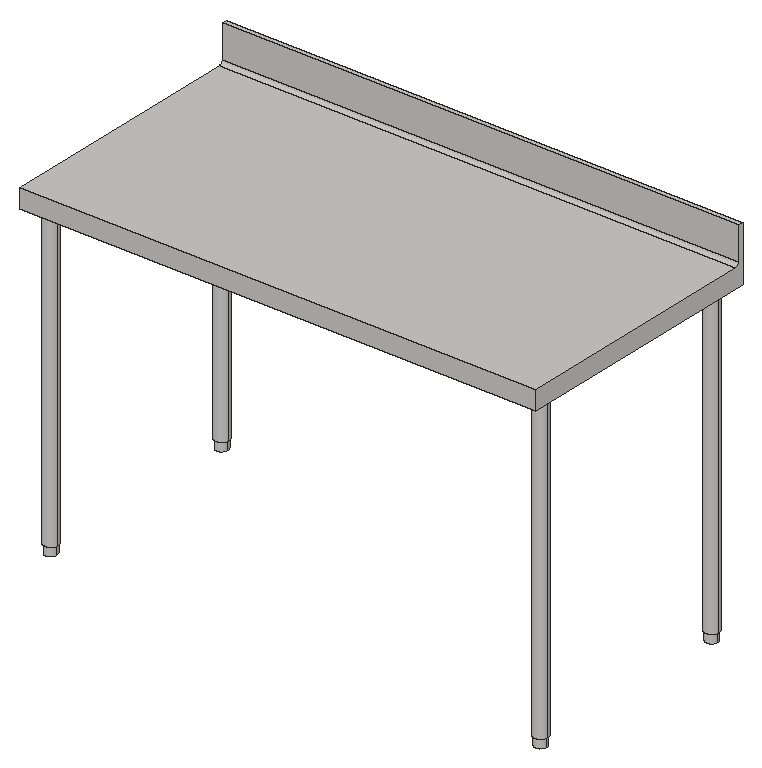
Revit family "QF_ELECTROLUXPROFESSIONAL_133056_TG1410EN", category Attrezzature speciali, Revit 2020
Family settings
  Quota connettore circolare = Usa diametro
  Tipo di parte = Normale
  Basato su piano di lavoro = No
  Sempre verticale = Sì
  Taglio con vuoti quando caricato = No
  Condiviso = No
  Punto di calcolo locali = No
Parameters (values of type "Standard")
  Weight = 45.00 kg
  Watts = 0 W
  Volts = 0 V
  URL Manufacturer = "https://www.electroluxprofessional.com/"
  URL = "https://www.electroluxprofessional.com/"
  Steam Supply Size = 0 mm
  Steam Supply Minimum Pressure = 0.0 Pa
  Steam Supply Maximum Pressure = 0.0 Pa
  Steam Consumption per Hour = 0
  Refrigeration Suction Line Size = 0.0 mm
  Refrigeration Liquid Line Size = 0.0 mm
  Refrigerant Compressor Remote = yes
  Prospetto di default = 0.0 mm
  Produttore = "Electrolux Professional"
  Phase = 0
  Modello = "TG1410EN"
  Length Actual = 1400.0 mm  # constant formula
  Item Number = "133056"
  Hot Water Size = 0 mm
  Height Actual = 900.0 mm  # constant formula
  HP = "0 HP"
  Gas Size = 0 mm
  Gas KW = 0
  Gas Input Pressure = 0 W
  Direct Waste Size = 0 mm
  Descrizione = "WORK TABLE WITH UPSTAND 1400 MM"
  Depth Actual = 700.0 mm  # constant formula
  Cycle = 0 Hz
  Condensate Return Size = 0 mm
  Compressed Air Volume = 0.0 L/s
  Compressed Air Size = 0 mm
  Compressed Air Pressure = 0.0 Pa
  Cold Water Size = 0 mm
  Accessory = yes
Reference planes
  plane 1 "Center (Front/Back)": y = 0
  plane 2: z = 0
  plane 3 "Center (Left/Right)": x = -200
  plane 4 "LEFT": x = -900
  plane 5 "RIGHT": x = 500
  plane 6 "BACK": y = 350
  plane 7 "FRONT": y = -350
  plane 8 "Base": z = 850
  plane 9 "TOP": z = 900
  plane 10: x = -864.5
  plane 11: x = 464.5
  plane 12: y = 290
  plane 13: y = -290
Forms (mm)
  Extrusion 1, solid, material "QF_Finishes_Stainless Steel"
    sketch origin (-200, 0, 0) x (0, 1, 0) y (0, 0, 1)
      loop
        line (-350, 850) -> (350, 850) -> (350, 1000) -> (337, 1000) -> (337, 910)
        arc (337, 910) -> (334.071, 902.929) -> (327, 900) r 10
        line (327, 900) -> (-350, 900) -> (-350, 850)
    from 700 to -700
Lines and regions (mm)
  symbolic lines
    curve 1: line (500, 350, 900) -> (-900, 350, 900)
    curve 2: line (-900, 350, 900) -> (-900, -350, 900)
    curve 3: line (-900, -350, 900) -> (500, -350, 900)
    curve 4: line (500, -350, 900) -> (500, 350, 900)
    curve 5: line (500, 337, 900) -> (-900, 337, 900)
Dimensions and locks
  plane 4 "LEFT" to plane 5 "RIGHT" = 1400.0 mm
  equal spacing: plane 4 "LEFT", plane 3 "Center (Left/Right)", plane 5 "RIGHT"
  locked: plane 8 "Base" to level at 850
  plane 4 "LEFT" to plane 10 = 35.5 mm
  plane 11 to plane 5 "RIGHT" = 35.5 mm
  plane 10 to plane 11 = 1329.0 mm
  locked: Extrusion 1 to level at 1000
  plane 9 "TOP" to level = 900.0 mm
  plane 6 "BACK" to plane 12 = 60.0 mm
  plane 13 to plane 7 "FRONT" = 60.0 mm
  plane 6 "BACK" to plane 7 "FRONT" = 700.0 mm
  plane 12 to plane 13 = 580.0 mm
  equal spacing: plane 6 "BACK", plane 1 "Center (Front/Back)", plane 7 "FRONT"
  aligned and locked: level to plane 2
  aligned and locked: plane 10 to nested 1
  aligned and locked: nested 1 to plane 13
  aligned and locked: plane 11 to nested 2
  aligned and locked: nested 2 to plane 13
  aligned and locked: plane 11 to nested 4
  aligned and locked: nested 4 to plane 12
  aligned and locked: plane 10 to nested 3
  aligned and locked: nested 3 to plane 12
  aligned and locked: Extrusion 1 to plane 4 "LEFT"
  aligned and locked: plane 5 "RIGHT" to Extrusion 1
  aligned and locked: curve 2 to plane 4 "LEFT"
Automatic sketch dimensions
  Extrusion 1 sketch curve to plane 7 "FRONT" = 0.0 mm
  Extrusion 1 sketch curve to plane 9 "TOP" = 0.0 mm
  Extrusion 1 sketch curve to plane 6 "BACK" = 0.0 mm
  Extrusion 1 sketch curve to plane 8 "Base" = 0.0 mm
  plane 9 "TOP" to Extrusion 1 sketch curve = 10.0 mm
  Extrusion 1 sketch curve to plane 6 "BACK" = 13.0 mm
  Extrusion 1 sketch curve to Extrusion 1 sketch curve = 90.0 mm
  curve 3 to plane 7 "FRONT" = 0.0 mm
  curve 5 to plane 5 "RIGHT" = 0.0 mm
  curve 4 to plane 6 "BACK" = 0.0 mm
  curve 5 to plane 6 "BACK" = 13.0 mm
Nested families
  nested 1: "FEET_D40" at (-864.5, -290, 0), type "FEET_D40"
  nested 2: "FEET_D40" at (464.5, -290, 0), type "FEET_D40"
  nested 3: "FEET_D40" at (-864.5, 290, 0), type "FEET_D40"
  nested 4: "FEET_D40" at (464.5, 290, 0), type "FEET_D40"
Definition of nested family "FEET_D40"
  Parameters
    Default Elevation = 0.0 mm
    FEET = 850.0 mm
  Reference planes
    plane 1 "Center (Front/Back)": y = 0
    plane 2: z = 0
    plane 3 "Center (Left/Right)": x = 0
    plane 4: z = 850
  Forms (mm)
    Extrusion 1, solid
      sketch origin (0, 0, 0) x (1, 0, 0) y (0, 1, 0)
        loop
          circle (0, 0.002) r 20
      from 25 to 845
    Extrusion 2, solid
      sketch origin (0, 0, 0) x (1, 0, 0) y (0, 1, 0)
        loop
          circle (0, 0) r 16
      from 0 to 25
    Extrusion 3, solid
      sketch origin (0, 0, 0) x (1, 0, 0) y (0, 1, 0)
        loop
          circle (0, 0.002) r 30
      from 845 to 850
  Lines and regions (mm)
    symbolic lines
      curve 1: line (0, -1.503, 0) -> (0, 1.508, 0)
      curve 2: line (1.561, 0, 0) -> (-1.439, 0, 0)
  Dimensions and locks
    "FEET": plane 4 to plane 2
    aligned and locked: level to plane 2
  Automatic sketch dimensions
    plane 1 "Center (Front/Back)" to Extrusion 2 sketch curve = 0.0 mm
    Extrusion 2 sketch curve to plane 3 "Center (Left/Right)" = 0.0 mm
    plane 1 "Center (Front/Back)" to curve 2 = 0.0 mm
    curve 1 to plane 3 "Center (Left/Right)" = 0.0 mm
    curve 2 to plane 3 "Center (Left/Right)" = 1.439 mm
    plane 3 "Center (Left/Right)" to curve 2 = 1.561 mm
    plane 1 "Center (Front/Back)" to curve 1 = 1.503 mm
    curve 1 to plane 1 "Center (Front/Back)" = 1.508 mm
    Extrusion 1 sketch curve to plane 3 "Center (Left/Right)" = 0.0 mm
    Extrusion 1 sketch curve to plane 1 "Center (Front/Back)" = 0.002 mm
    Extrusion 3 sketch curve to plane 3 "Center (Left/Right)" = 0.0 mm
    Extrusion 3 sketch curve to plane 1 "Center (Front/Back)" = 0.002 mm
    radius of Extrusion 2 sketch curve = 16.0 mm
    radius of Extrusion 1 sketch curve = 20.0 mm
    radius of Extrusion 3 sketch curve = 30.0 mm
